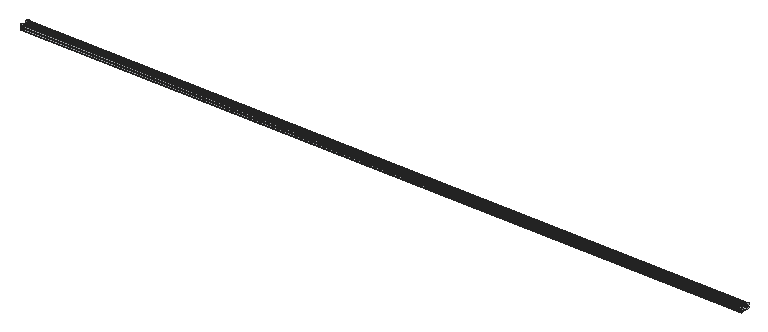
Revit family "Montageschiene 35- 20-0,8 fbv 3m Langloch 2D", category HLS-Bauteile, Revit 2023
Family settings
  Bemaßung runder Anschluss = Durchmesser verwenden
  Teiletyp = Normal
  Arbeitsebenenbasiert = Ja
  Immer vertikal = Nein
  Beim Laden mit Abzugskörper schneiden = Nein
  Beschriftungsausrichtung beibehalten = Nein
  Gemeinsam genutzt = Ja
  Raumberechnungspunkt = Nein
Parameters
  vpe = "54"
  Widerstandsmoment Wz = "0.87 cm³"
  Widerstandsmoment Wy = "0.39 cm³"
  Default Elevation = 1219.2 mm
  Trägheitsradius iz = "1.44 cm"
  Trägheitsradius iy = "0.74 cm"
  Torsionswiderstandsmoment Wt = " cm³"
  Stärke = 0.8 mm
  Streckgrenze = "250 N/mm²"
  Schwerpunktabstand ez = "1.75 cm"
  Schwerpunktabstand eu = "1.03 cm"
  Schwerpunktabstand eo = "0.97 cm"
  Schlitzbreite = "21 mm"
  Regelhalter [instance] = ""
  Profiltyp = "35/20"
  Profil = "C-Profil"
  Oberflaeche = "feuerbandverzinkt"
  Montagelänge [instance] = 3000 mm
  Mengeneinheit = "m"
  Materialname = "S250"
  Material = "Stahl"
  Länge = 3000 mm
  Lochdurchmesser 2 = 10.5 mm
  Lochdurchmesser 1 = 8.5 mm
  Lochdurchmesser = "8.5 mm"
  Langloch = "8.5 x 15.0 mm"
  Kurztext2 = "35 / 20 / 0,8 mm L= 3 m fbv"
  Kurztext1 = "Montageschiene C-Profil Stex "
  Höhe = "20 mm"
  Gewicht pro Stück [instance] = (Gewicht * Montagelänge / (1000 mm * 1000 mm)) * 1000 mm  # 1.92 kg
  Gewicht pro Bauteil [instance] = Gewicht pro Stück  # 1.92 kg
  Gewicht = 0.64 kg
  Gesamtlänge [instance] = Montagelänge  # 3000 mm
  Gesamtgewicht [instance] = Gewicht pro Bauteil  # 1.92 kg
  Fläche (schwächster Profilquerschnitt) = 0.000074 m²
  Firma = "MEFA Befestigungs- und Montagesysteme GmbH"
  Fabrikat = "MEFA"
  Erweiterung Langloch = " mm"
  EAN = "4250928424426"
  Bund = "504 m"
  Breite = 35 mm
  Artikelnummer = "1273523"
  Anzahl Langloch [instance] = Montagelänge / 75 mm  # 40
  Abmessung = "35/20/0.8 mm"
Reference planes
  plane 1 "Mitte (Vorne/hinten)": y = 0
  plane 2: z = 0
  plane 3 "Mitte (Links/rechts)": x = 0
  plane 4: x = 3000
Forms (mm)
  Extrusion 1, solid, detail levels fine
    sketch origin (0, 0, 0) x (0, 1, 0) y (0, 0, 1)
      loop
        arc (16.25, 0) -> (17.169, 0.381) -> (17.55, 1.3) r 1.3
        line (17.55, 1.3) -> (17.55, 6.402)
        arc (17.55, 6.402) -> (17.17, 7.32) -> (16.252, 7.7) r 1.298
        line (16.252, 7.7) -> (13.85, 7.7)
        arc (13.85, 7.7) -> (13.496, 7.846) -> (13.35, 8.2) r 0.5
        line (13.35, 8.2) -> (13.35, 9.9)
        arc (13.35, 9.9) -> (13.496, 10.254) -> (13.85, 10.4) r 0.5
        line (13.85, 10.4) -> (16.25, 10.4)
        arc (16.25, 10.4) -> (17.169, 10.781) -> (17.55, 11.7) r 1.3
        line (17.55, 11.7) -> (17.55, 18.7)
        arc (17.55, 18.7) -> (17.169, 19.619) -> (16.25, 20) r 1.3
        line (16.25, 20) -> (11.55, 20)
        arc (11.55, 20) -> (10.75, 19.2) -> (11.55, 18.4) r 0.8
        line (11.55, 18.4) -> (15.25, 18.4) -> (15.25, 19.2) -> (16.25, 19.2)
        arc (16.25, 19.2) -> (16.604, 19.054) -> (16.75, 18.7) r 0.5
        line (16.75, 18.7) -> (16.75, 11.7)
        arc (16.75, 11.7) -> (16.604, 11.346) -> (16.25, 11.2) r 0.5
        line (16.25, 11.2) -> (13.85, 11.2)
        arc (13.85, 11.2) -> (12.931, 10.819) -> (12.55, 9.9) r 1.3
        line (12.55, 9.9) -> (12.55, 8.2)
        arc (12.55, 8.2) -> (12.931, 7.281) -> (13.85, 6.9) r 1.3
        line (13.85, 6.9) -> (16.25, 6.9)
        arc (16.25, 6.9) -> (16.604, 6.754) -> (16.75, 6.4) r 0.5
        line (16.75, 6.4) -> (16.75, 1.3)
        arc (16.75, 1.3) -> (16.604, 0.946) -> (16.25, 0.8) r 0.5
        line (16.25, 0.8) -> (-16.15, 0.8)
        arc (-16.15, 0.8) -> (-16.504, 0.946) -> (-16.65, 1.3) r 0.5
        line (-16.65, 1.3) -> (-16.65, 6.4)
        arc (-16.65, 6.4) -> (-16.504, 6.754) -> (-16.15, 6.9) r 0.5
        line (-16.15, 6.9) -> (-13.75, 6.9)
        arc (-13.75, 6.9) -> (-12.831, 7.281) -> (-12.45, 8.2) r 1.3
        line (-12.45, 8.2) -> (-12.45, 9.9)
        arc (-12.45, 9.9) -> (-12.831, 10.819) -> (-13.75, 11.2) r 1.3
        line (-13.75, 11.2) -> (-16.15, 11.2)
        arc (-16.15, 11.2) -> (-16.504, 11.346) -> (-16.65, 11.7) r 0.5
        line (-16.65, 11.7) -> (-16.65, 18.7)
        arc (-16.65, 18.7) -> (-16.504, 19.054) -> (-16.15, 19.2) r 0.5
        line (-16.15, 19.2) -> (-15.15, 19.2) -> (-15.15, 18.4) -> (-11.45, 18.4)
        arc (-11.45, 18.4) -> (-10.65, 19.2) -> (-11.45, 20) r 0.8
        line (-11.45, 20) -> (-16.15, 20)
        arc (-16.15, 20) -> (-17.069, 19.619) -> (-17.45, 18.7) r 1.3
        line (-17.45, 18.7) -> (-17.45, 11.7)
        arc (-17.45, 11.7) -> (-17.069, 10.781) -> (-16.15, 10.4) r 1.3
        line (-16.15, 10.4) -> (-13.75, 10.4)
        arc (-13.75, 10.4) -> (-13.396, 10.254) -> (-13.25, 9.9) r 0.5
        line (-13.25, 9.9) -> (-13.25, 8.2)
        arc (-13.25, 8.2) -> (-13.396, 7.846) -> (-13.75, 7.7) r 0.5
        line (-13.75, 7.7) -> (-16.152, 7.7)
        arc (-16.152, 7.7) -> (-17.07, 7.32) -> (-17.45, 6.402) r 1.298
        line (-17.45, 6.402) -> (-17.45, 1.3)
        arc (-17.45, 1.3) -> (-17.069, 0.381) -> (-16.15, 0) r 1.3
        line (-16.15, 0) -> (16.25, 0)
    from 0 to 3000
  Extrusion 2, solid, detail levels medium
    sketch origin (0, 0, 0) x (0, 1, 0) y (0, 0, 1)
      loop
        line (17.55, 0) -> (17.55, 20) -> (10.75, 20) -> (10.75, 18.4) -> (16.75, 18.4) -> (16.75, 0.8) -> (-16.65, 0.8) -> (-16.65, 18.4) -> (-10.65, 18.4) -> (-10.65, 20) -> (-17.45, 20) -> (-17.45, 0) -> (17.55, 0)
    from 0 to 3000
  Extrusion 3, solid, detail levels coarse
    sketch origin (0, 0, 0) x (0, 1, 0) y (0, 0, 1)
      loop
        line (17.55, 0) -> (17.55, 20) -> (-17.45, 20) -> (-17.45, 0) -> (17.55, 0)
    from 0 to 3000
Dimensions and locks
  "Montagelänge": plane 4 to plane 3 "Mitte (Links/rechts)"
  equal spacing: group 1, group 2, group 3, group 4, group 5, group 6, group 7, group 8, group 9, group 10, group 11, group 12, group 13, group 14, group 15, group 16, group 17, group 18, group 19, group 20, group 21, group 22, group 23, group 24, group 25, group 26, group 27, group 28, group 29, group 30, group 31, group 32, group 33, group 34, group 35, group 36, group 37, group 38, group 39, group 40  (x3)
  aligned and locked: level to plane 2
  aligned and locked: plane 4 to Extrusion 1
  aligned and locked: plane 4 to Extrusion 3
  aligned and locked: plane 4 to Extrusion 2
  aligned and locked: nested 1 to plane 1 "Mitte (Vorne/hinten)"
Automatic sketch dimensions
  Extrusion 1 sketch curve to Extrusion 1 sketch curve = 0 mm  (x22)
  Extrusion 1 sketch curve to level = 0 mm
  plane 1 "Mitte (Vorne/hinten)" to Extrusion 1 sketch curve = 17.45 mm
  Extrusion 1 sketch curve to Extrusion 1 sketch curve = 0.8 mm  (x3)
  Extrusion 1 sketch curve to Extrusion 1 sketch curve = 0.498 mm
  Extrusion 1 sketch curve to Extrusion 1 sketch curve = 0.5 mm  (x8)
  Extrusion 1 sketch curve to Extrusion 1 sketch curve = 0.002 mm  (x2)
  Extrusion 1 sketch curve to Extrusion 1 sketch curve = 1 mm  (x3)
  Extrusion 1 sketch curve to Extrusion 1 sketch curve = 2.402 mm
  Extrusion 1 sketch curve to plane 1 "Mitte (Vorne/hinten)" = 11.55 mm
  Extrusion 1 sketch curve to Extrusion 1 sketch curve = 2.4 mm  (x2)
  Extrusion 1 sketch curve to Extrusion 1 sketch curve = 1.3 mm
  Extrusion 1 sketch curve to Extrusion 1 sketch curve = 5.1 mm  (x2)
  Extrusion 1 sketch curve to Extrusion 1 sketch curve = 1.7 mm  (x2)
  Extrusion 1 sketch curve to Extrusion 1 sketch curve = 7.2 mm  (x2)
  Extrusion 1 sketch curve to Extrusion 1 sketch curve = 0.3 mm  (x2)
  Extrusion 1 sketch curve to Extrusion 1 sketch curve = 3.7 mm  (x2)
  Extrusion 2 sketch curve to level = 0 mm
  plane 1 "Mitte (Vorne/hinten)" to Extrusion 2 sketch curve = 17.45 mm
  Extrusion 2 sketch curve to Extrusion 2 sketch curve = 0.8 mm  (x2)
  Extrusion 2 sketch curve to Extrusion 2 sketch curve = 6 mm  (x2)
  Extrusion 2 sketch curve to plane 1 "Mitte (Vorne/hinten)" = 10.75 mm
  level to Extrusion 2 sketch curve = 0.8 mm
  Extrusion 2 sketch curve to Extrusion 2 sketch curve = 17.6 mm  (x2)
  Extrusion 2 sketch curve to Extrusion 2 sketch curve = 1.6 mm  (x2)
  Extrusion 3 sketch curve to level = 0 mm
  plane 1 "Mitte (Vorne/hinten)" to Extrusion 3 sketch curve = 17.45 mm
  Extrusion 3 sketch curve to plane 1 "Mitte (Vorne/hinten)" = 17.55 mm
  Extrusion 3 sketch curve to Extrusion 3 sketch curve = 20 mm
Nested families
  nested 1: "Lochung Stex 35 2D" at (37.5, 0, 0) x (1, 0, 0) z (0, 0, -1), type "Lochung Stex 35 2D", detail levels fine
  nested 2: "Lochung Stex 35 2D" at (112.5, 0, 0) x (1, 0, 0) z (0, 0, -1), type "Lochung Stex 35 2D", detail levels fine
  nested 3: "Lochung Stex 35 2D" at (187.5, 0, 0) x (1, 0, 0) z (0, 0, -1), type "Lochung Stex 35 2D", detail levels fine
  nested 4: "Lochung Stex 35 2D" at (262.5, 0, 0) x (1, 0, 0) z (0, 0, -1), type "Lochung Stex 35 2D", detail levels fine
  nested 5: "Lochung Stex 35 2D" at (337.5, 0, 0) x (1, 0, 0) z (0, 0, -1), type "Lochung Stex 35 2D", detail levels fine
  nested 6: "Lochung Stex 35 2D" at (412.5, 0, 0) x (1, 0, 0) z (0, 0, -1), type "Lochung Stex 35 2D", detail levels fine
  nested 7: "Lochung Stex 35 2D" at (487.5, 0, 0) x (1, 0, 0) z (0, 0, -1), type "Lochung Stex 35 2D", detail levels fine
  nested 8: "Lochung Stex 35 2D" at (562.5, 0, 0) x (1, 0, 0) z (0, 0, -1), type "Lochung Stex 35 2D", detail levels fine
  nested 9: "Lochung Stex 35 2D" at (637.5, 0, 0) x (1, 0, 0) z (0, 0, -1), type "Lochung Stex 35 2D", detail levels fine
  nested 10: "Lochung Stex 35 2D" at (712.5, 0, 0) x (1, 0, 0) z (0, 0, -1), type "Lochung Stex 35 2D", detail levels fine
  nested 11: "Lochung Stex 35 2D" at (787.5, 0, 0) x (1, 0, 0) z (0, 0, -1), type "Lochung Stex 35 2D", detail levels fine
  nested 12: "Lochung Stex 35 2D" at (862.5, 0, 0) x (1, 0, 0) z (0, 0, -1), type "Lochung Stex 35 2D", detail levels fine
  nested 13: "Lochung Stex 35 2D" at (937.5, 0, 0) x (1, 0, 0) z (0, 0, -1), type "Lochung Stex 35 2D", detail levels fine
  nested 14: "Lochung Stex 35 2D" at (1012.5, 0, 0) x (1, 0, 0) z (0, 0, -1), type "Lochung Stex 35 2D", detail levels fine
  nested 15: "Lochung Stex 35 2D" at (1087.5, 0, 0) x (1, 0, 0) z (0, 0, -1), type "Lochung Stex 35 2D", detail levels fine
  nested 16: "Lochung Stex 35 2D" at (1162.5, 0, 0) x (1, 0, 0) z (0, 0, -1), type "Lochung Stex 35 2D", detail levels fine
  nested 17: "Lochung Stex 35 2D" at (1237.5, 0, 0) x (1, 0, 0) z (0, 0, -1), type "Lochung Stex 35 2D", detail levels fine
  nested 18: "Lochung Stex 35 2D" at (1312.5, 0, 0) x (1, 0, 0) z (0, 0, -1), type "Lochung Stex 35 2D", detail levels fine
  nested 19: "Lochung Stex 35 2D" at (1387.5, 0, 0) x (1, 0, 0) z (0, 0, -1), type "Lochung Stex 35 2D", detail levels fine
  nested 20: "Lochung Stex 35 2D" at (1462.5, 0, 0) x (1, 0, 0) z (0, 0, -1), type "Lochung Stex 35 2D", detail levels fine
  nested 21: "Lochung Stex 35 2D" at (1537.5, 0, 0) x (1, 0, 0) z (0, 0, -1), type "Lochung Stex 35 2D", detail levels fine
  nested 22: "Lochung Stex 35 2D" at (1612.5, 0, 0) x (1, 0, 0) z (0, 0, -1), type "Lochung Stex 35 2D", detail levels fine
  nested 23: "Lochung Stex 35 2D" at (1687.5, 0, 0) x (1, 0, 0) z (0, 0, -1), type "Lochung Stex 35 2D", detail levels fine
  nested 24: "Lochung Stex 35 2D" at (1762.5, 0, 0) x (1, 0, 0) z (0, 0, -1), type "Lochung Stex 35 2D", detail levels fine
  nested 25: "Lochung Stex 35 2D" at (1837.5, 0, 0) x (1, 0, 0) z (0, 0, -1), type "Lochung Stex 35 2D", detail levels fine
  nested 26: "Lochung Stex 35 2D" at (1912.5, 0, 0) x (1, 0, 0) z (0, 0, -1), type "Lochung Stex 35 2D", detail levels fine
  nested 27: "Lochung Stex 35 2D" at (1987.5, 0, 0) x (1, 0, 0) z (0, 0, -1), type "Lochung Stex 35 2D", detail levels fine
  nested 28: "Lochung Stex 35 2D" at (2062.5, 0, 0) x (1, 0, 0) z (0, 0, -1), type "Lochung Stex 35 2D", detail levels fine
  nested 29: "Lochung Stex 35 2D" at (2137.5, 0, 0) x (1, 0, 0) z (0, 0, -1), type "Lochung Stex 35 2D", detail levels fine
  nested 30: "Lochung Stex 35 2D" at (2212.5, 0, 0) x (1, 0, 0) z (0, 0, -1), type "Lochung Stex 35 2D", detail levels fine
  nested 31: "Lochung Stex 35 2D" at (2287.5, 0, 0) x (1, 0, 0) z (0, 0, -1), type "Lochung Stex 35 2D", detail levels fine
  nested 32: "Lochung Stex 35 2D" at (2362.5, 0, 0) x (1, 0, 0) z (0, 0, -1), type "Lochung Stex 35 2D", detail levels fine
  nested 33: "Lochung Stex 35 2D" at (2437.5, 0, 0) x (1, 0, 0) z (0, 0, -1), type "Lochung Stex 35 2D", detail levels fine
  nested 34: "Lochung Stex 35 2D" at (2512.5, 0, 0) x (1, 0, 0) z (0, 0, -1), type "Lochung Stex 35 2D", detail levels fine
  nested 35: "Lochung Stex 35 2D" at (2587.5, 0, 0) x (1, 0, 0) z (0, 0, -1), type "Lochung Stex 35 2D", detail levels fine
  nested 36: "Lochung Stex 35 2D" at (2662.5, 0, 0) x (1, 0, 0) z (0, 0, -1), type "Lochung Stex 35 2D", detail levels fine
  nested 37: "Lochung Stex 35 2D" at (2737.5, 0, 0) x (1, 0, 0) z (0, 0, -1), type "Lochung Stex 35 2D", detail levels fine
  nested 38: "Lochung Stex 35 2D" at (2812.5, 0, 0) x (1, 0, 0) z (0, 0, -1), type "Lochung Stex 35 2D", detail levels fine
  nested 39: "Lochung Stex 35 2D" at (2887.5, 0, 0) x (1, 0, 0) z (0, 0, -1), type "Lochung Stex 35 2D", detail levels fine
  nested 40: "Lochung Stex 35 2D" at (2962.5, 0, 0) x (1, 0, 0) z (0, 0, -1), type "Lochung Stex 35 2D", detail levels fine
Definition of nested family "Lochung Stex 35 2D"
  Parameters (values of type "Lochung Stex 35 2D")
    Default Elevation = 1219.2 mm
  Reference planes
    plane 1 "Mitte (Vorne/hinten)": y = 0
    plane 2: z = 0
    plane 3 "Mitte (Links/rechts)": x = 0
  Forms (mm)
    Extrusion 1, solid
      sketch origin (0, 0, 0) x (1, 0, 0) y (0, 1, 0)
        loop
          line (-1219.2, 1219.2) -> (-1219.2, -1219.2) -> (1219.2, -1219.2) -> (1219.2, 1219.2) -> (-1219.2, 1219.2)
      from 0 to -304.8
  Lines and regions (mm)
    model lines, detail levels fine
      curve 1: line (-37.5, 0, 0) -> (37.5, 0, 0)
      curve 2: line (0, 5, 0) -> (0, -5, 0)
      curve 3: line (0, 0, 10) -> (0, 0, -10)
      curve 10: line (-25, 5, 0) -> (-25, -5, 0)
    model lines
      curve 4: circle (-25, 0, 0) r 4.25 normal (0, 0, 1)
      curve 5: circle (25, 0, 0) r 5.25 normal (0, 0, 1)
      curve 6: arc (-3.25, 4.25, 0) -> (-7.5, 0, 0) -> (-3.25, -4.25, 0) r 4.25
      curve 7: line (-3.25, 4.25, 0) -> (3.25, 4.25, 0)
      curve 8: line (3.25, -4.25, 0) -> (-3.25, -4.25, 0)
      curve 9: arc (3.25, 4.25, 0) -> (7.5, 0, 0) -> (3.25, -4.25, 0) r 4.25
      curve 11: line (25, 6.25, 0) -> (25, -6.25, 0)
  Dimensions and locks
    aligned and locked: plane 2 to Extrusion 1
    aligned and locked: level to Extrusion 1
